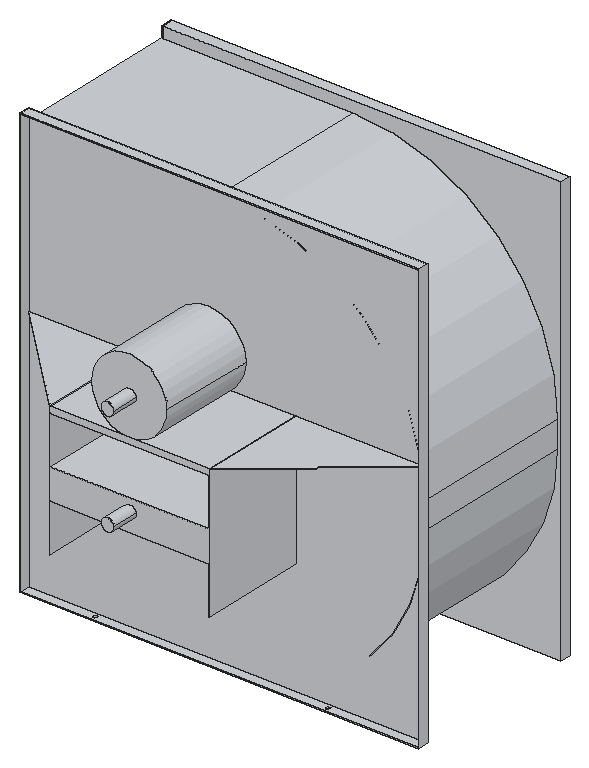
Revit family "CA-4_SWSI_ARR_2_CCW_THD", category Mechanical Equipment, Revit 2019
Family settings
  Round Connector Dimension = Use Radius
  Part Type = Normal
  Work Plane-Based = No
  Always vertical = Yes
  Cut with Voids When Loaded = No
  Shared = No
  Room Calculation Point = No
Parameters (values of type "600_CA-4_SWSI_ARR_2_CCW_THD_CLASS_2")
  S = 32"
  R = 49 5/16"
  P = 24 21/32"
  O/2 = O / 2  # 17/32"
  O = 1 1/16"
  N/2 = N / 2  # 1 23/32"
  N = 3 7/16"
  ModelID [instance] = ""
  MOTOR_RAD = N * 3  # 10 5/16"
  M = 66 11/16"
  L = 10"
  K = 56 11/16"
  J = 3"
  INLET_RAD/2 = INLET_RAD / 2  # 16 1/2"
  INLET_RAD+1.5" = INLET_RAD + 1 1/2"  # 34 1/2"
  INLET_RAD = INLET_DIA / 2  # 33"
  INLET_DIA = 66"
  H = 51 5/8"
  G-H = G - H  # 58"
  G/5 = G / 5  # 21.925"
  G = 109 5/8"
  F = 118"
  Unit Weight [instance] = ""
  Sones [instance] = ""
  Motor RPM [instance] = ""
  Motor Enclosure [instance] = ""
  LwA [instance] = ""
  Fan RPM [instance] = ""
  E-(INLET_RAD+1.5") = E - (INLET_RAD + 1 1/2")  # 15 1/4"
  E+(INLET_RAD+1.5") = E + (INLET_RAD + 1 1/2")  # 84 1/4"
  E = 49 3/4"
  D-((D-B)/2) = D - ((D - B) / 2)  # 48 13/16"
  D = 51 13/16"
  B = 45 13/16"
  Accessories [instance] = ""
  ARR_2_L-ARR_2_K = ARR_2_L - ARR_2_K  # 26 7/8"
  ARR_2_L = 34 3/8"
  ARR_2_K = 7 1/2"
  A = 65 5/8"
  3" = 3"  # constant formula
  Brake Hp [instance] = ""
  4" = 4"  # constant formula
  2N = N + N  # 6 7/8"
  2' = 24"
  2" = 2"  # constant formula
  1" = 1"  # constant formula
  0 = 0"  # constant formula
  Voltage [instance] = 0 V
  URL = "www.lorencook.com"
  Type Comments = "Airfoil Centrifugal Blower Arrangement 2 Counter-Clockwise Top Horizontal Discharge"  # constant formula
  Static Pressure [instance] = 0.00 in-wg
  Power [instance] = Voltage * Motor FLA * sqrt(if(Phase = 3, 3, 1))  # 0 VA
  Phase [instance] = 0
  Number of Poles [instance] = 1
  Motor Hp [instance] = "0"
  Motor FLA [instance] = 0 A
  Model = "CA-4 SWSI ARR 2 CCW THD CLASS 2"
  Manufacturer = "Loren Cook Company"
  CFM [instance] = 0 CFM
  1.5 = 1 1/2"  # constant formula
  ONE EIGTH = 1/8"  # constant formula
  -(ARR_2_L - ARR_2_K) = -(ARR_2_L - ARR_2_K)  # -26 7/8"
  -(((K-B)/2)-.125") = -(((K - B) / 2) - 1/8")  # -5 5/16"
  -(((D - B) / 2) - 1/8") = -(((D - B) / 2) - 1/8")  # -2 7/8"
  (R-B)/2 = (R - B) / 2  # 1 3/4"
  ((K-B)/2)+B = ((K - B) / 2) + B  # 51 1/4"
  (D-B)/2 = (D - B) / 2  # 3"
  -(((K-B)/2)+L) = -(((K - B) / 2) + L)  # -15 7/16"
  ((D-B)/2)-.125" = ((D - B) / 2) - 1/8"  # 2 7/8"
Types (55): name | S | R | P | O/2 | O | N/2 | N | MOTOR_RAD | M | L | K | J | INLET_RAD/2 | INLET_RAD+1.5" | INLET_RAD | INLET_DIA | H | G-H | G/5 | G | F | E-(INLET_RAD+1.5") | E+(INLET_RAD+1.5") | E | D-((D-B)/2) | D | B | ARR_2_L-ARR_2_K | ARR_2_L | ARR_2_K | A | 2N | Model | -(ARR_2_L - ARR_2_K) | -(((K-B)/2)-.125") | -(((D - B) / 2) - 1/8") | (R-B)/2 | ((K-B)/2)+B | (D-B)/2 | -(((K-B)/2)+L) | ((D-B)/2)-.125"
  (no name) | 32" | 49 5/16" | 24 21/32" | 17/32" | 1 1/16" | 1 23/32" | 3 7/16" | 10 5/16" | 66 11/16" | 10" | 56 11/16" | 3" | 16 1/2" | 34 1/2" | 33" | 66" | 51 5/8" | 58" | 21.925" | 109 5/8" | 118" | 15 1/4" | 84 1/4" | 49 3/4" | 48 13/16" | 51 13/16" | 45 13/16" | 26 7/8" | 34 3/8" | 7 1/2" | 65 5/8" | 6 7/8" | "CA-4 SWSI ARR 2 CCW THD CLASS 2" | -26 7/8" | -5 5/16" | -2 7/8" | 1 3/4" | 51 1/4" | 3" | -15 7/16" | 2 7/8"
  120_CA-4_SWSI_ARR_2_CCW_THD_CLASS_1 | 7 1/2" | 11 7/16" | 5 23/32" | 11/32" | 11/16" | 1/2" | 1" | 3" | 18 7/8" | 3" | 15 7/8" | 2" | 4 1/16" | 9 5/8" | 8 1/8" | 16 1/4" | 10 3/8" | 12 3/8" | 4.55" | 22 3/4" | 25 3/4" | 1 1/8" | 20 3/8" | 10 3/4" | 11 3/16" | 13 3/16" | 9 3/16" | 17 5/8" | 21 5/8" | 4" | 13 1/8" | 2" | "CA-4 SWSI ARR 2 CCW THD CLASS 1" | -17 5/8" | -3 7/32" | -1 7/8" | 1 1/8" | 12 17/32" | 2" | -6 11/32" | 1 7/8"
  120_CA-4_SWSI_ARR_2_CCW_THD_CLASS_2 | 7 1/2" | 11 7/16" | 5 23/32" | 11/32" | 11/16" | 1/2" | 1" | 3" | 18 7/8" | 3" | 15 7/8" | 2" | 4 1/16" | 9 5/8" | 8 1/8" | 16 1/4" | 10 3/8" | 12 3/8" | 4.55" | 22 3/4" | 25 3/4" | 1 1/8" | 20 3/8" | 10 3/4" | 11 3/16" | 13 3/16" | 9 3/16" | 17 5/8" | 21 5/8" | 4" | 13 1/8" | 2" | "CA-4 SWSI ARR 2 CCW THD CLASS 2" | -17 5/8" | -3 7/32" | -1 7/8" | 1 1/8" | 12 17/32" | 2" | -6 11/32" | 1 7/8"
  120_CA-4_SWSI_ARR_2_CCW_THD_CLASS_3 | 7 1/2" | 11 7/16" | 5 23/32" | 11/32" | 11/16" | 19/32" | 1 3/16" | 3 9/16" | 18 7/8" | 3" | 15 7/8" | 2" | 4 1/16" | 9 5/8" | 8 1/8" | 16 1/4" | 10 3/8" | 12 3/8" | 4.55" | 22 3/4" | 25 3/4" | 1 1/8" | 20 3/8" | 10 3/4" | 11 3/16" | 13 3/16" | 9 3/16" | 17 5/8" | 21 5/8" | 4" | 13 1/8" | 2 3/8" | "CA-4 SWSI ARR 2 CCW THD CLASS 3" | -17 5/8" | -3 7/32" | -1 7/8" | 1 1/8" | 12 17/32" | 2" | -6 11/32" | 1 7/8"
  135_CA-4_SWSI_ARR_2_CCW_THD_CLASS_1 | 8 1/2" | 12 9/16" | 6 9/32" | 11/32" | 11/16" | 1/2" | 1" | 3" | 20" | 3" | 17" | 2" | 4 7/16" | 10 3/8" | 8 7/8" | 17 3/4" | 11 5/8" | 13 7/8" | 5.1" | 25 1/2" | 28 3/4" | 1 5/8" | 22 3/8" | 12" | 12 5/16" | 14 5/16" | 10 5/16" | 17 5/8" | 21 5/8" | 4" | 14 3/4" | 2" | "CA-4 SWSI ARR 2 CCW THD CLASS 1" | -17 5/8" | -3 7/32" | -1 7/8" | 1 1/8" | 13 21/32" | 2" | -6 11/32" | 1 7/8"
  135_CA-4_SWSI_ARR_2_CCW_THD_CLASS_2 | 8 1/2" | 12 9/16" | 6 9/32" | 11/32" | 11/16" | 1/2" | 1" | 3" | 20" | 3" | 17" | 2" | 4 7/16" | 10 3/8" | 8 7/8" | 17 3/4" | 11 5/8" | 13 7/8" | 5.1" | 25 1/2" | 28 3/4" | 1 5/8" | 22 3/8" | 12" | 12 5/16" | 14 5/16" | 10 5/16" | 17 5/8" | 21 5/8" | 4" | 14 3/4" | 2" | "CA-4 SWSI ARR 2 CCW THD CLASS 2" | -17 5/8" | -3 7/32" | -1 7/8" | 1 1/8" | 13 21/32" | 2" | -6 11/32" | 1 7/8"
  135_CA-4_SWSI_ARR_2_CCW_THD_CLASS_3 | 8 1/2" | 12 9/16" | 6 9/32" | 11/32" | 11/16" | 19/32" | 1 3/16" | 3 9/16" | 20" | 3" | 17" | 2" | 4 7/16" | 10 3/8" | 8 7/8" | 17 3/4" | 11 5/8" | 13 7/8" | 5.1" | 25 1/2" | 28 3/4" | 1 5/8" | 22 3/8" | 12" | 12 5/16" | 14 5/16" | 10 5/16" | 17 5/8" | 21 5/8" | 4" | 14 3/4" | 2 3/8" | "CA-4 SWSI ARR 2 CCW THD CLASS 3" | -17 5/8" | -3 7/32" | -1 7/8" | 1 1/8" | 13 21/32" | 2" | -6 11/32" | 1 7/8"
  150_CA-4_SWSI_ARR_2_CCW_THD_CLASS_1 | 9" | 13 11/16" | 6 27/32" | 11/32" | 11/16" | 1/2" | 1" | 3" | 21 1/8" | 3" | 18 1/8" | 2" | 4 13/16" | 11 1/8" | 9 5/8" | 19 1/4" | 12 7/8" | 15 1/4" | 5 5/8" | 28 1/8" | 31 5/8" | 2 1/8" | 24 3/8" | 13 1/4" | 13 7/16" | 15 7/16" | 11 7/16" | 17 5/8" | 21 5/8" | 4" | 16 7/16" | 2" | "CA-4 SWSI ARR 2 CCW THD CLASS 1" | -17 5/8" | -3 7/32" | -1 7/8" | 1 1/8" | 14 25/32" | 2" | -6 11/32" | 1 7/8"
  150_CA-4_SWSI_ARR_2_CCW_THD_CLASS_2 | 9" | 13 11/16" | 6 27/32" | 11/32" | 11/16" | 19/32" | 1 3/16" | 3 9/16" | 21 1/8" | 3" | 18 1/8" | 2" | 4 13/16" | 11 1/8" | 9 5/8" | 19 1/4" | 12 7/8" | 15 1/4" | 5 5/8" | 28 1/8" | 31 5/8" | 2 1/8" | 24 3/8" | 13 1/4" | 13 7/16" | 15 7/16" | 11 7/16" | 17 5/8" | 21 5/8" | 4" | 16 7/16" | 2 3/8" | "CA-4 SWSI ARR 2 CCW THD CLASS 2" | -17 5/8" | -3 7/32" | -1 7/8" | 1 1/8" | 14 25/32" | 2" | -6 11/32" | 1 7/8"
  150_CA-4_SWSI_ARR_2_CCW_THD_CLASS_3 | 9" | 13 11/16" | 6 27/32" | 11/32" | 11/16" | 23/32" | 1 7/16" | 4 5/16" | 21 1/8" | 3" | 18 1/8" | 2" | 4 13/16" | 11 1/8" | 9 5/8" | 19 1/4" | 12 7/8" | 15 1/4" | 5 5/8" | 28 1/8" | 31 5/8" | 2 1/8" | 24 3/8" | 13 1/4" | 13 7/16" | 15 7/16" | 11 7/16" | 17 5/8" | 21 5/8" | 4" | 16 7/16" | 2 7/8" | "CA-4 SWSI ARR 2 CCW THD CLASS 3" | -17 5/8" | -3 7/32" | -1 7/8" | 1 1/8" | 14 25/32" | 2" | -6 11/32" | 1 7/8"
  165_CA-4_SWSI_ARR_2_CCW_THD_CLASS_1 | 10" | 14 7/8" | 7 7/16" | 11/32" | 11/16" | 1/2" | 1" | 3" | 23 15/16" | 4" | 19 5/16" | 2" | 5 5/16" | 12 1/8" | 10 5/8" | 21 1/4" | 14 1/4" | 16 5/8" | 6.175" | 30 7/8" | 34 3/8" | 2 1/4" | 26 1/2" | 14 3/8" | 14 5/8" | 16 5/8" | 12 5/8" | 17 5/8" | 21 5/8" | 4" | 18 1/16" | 2" | "CA-4 SWSI ARR 2 CCW THD CLASS 1" | -17 5/8" | -3 7/32" | -1 7/8" | 1 1/8" | 15 31/32" | 2" | -7 11/32" | 1 7/8"
  165_CA-4_SWSI_ARR_2_CCW_THD_CLASS_2 | 10" | 14 7/8" | 7 7/16" | 11/32" | 11/16" | 19/32" | 1 3/16" | 3 9/16" | 23 15/16" | 4" | 19 5/16" | 2" | 5 5/16" | 12 1/8" | 10 5/8" | 21 1/4" | 14 1/4" | 16 5/8" | 6.175" | 30 7/8" | 34 3/8" | 2 1/4" | 26 1/2" | 14 3/8" | 14 5/8" | 16 5/8" | 12 5/8" | 17 5/8" | 21 5/8" | 4" | 18 1/16" | 2 3/8" | "CA-4 SWSI ARR 2 CCW THD CLASS 2" | -17 5/8" | -3 7/32" | -1 7/8" | 1 1/8" | 15 31/32" | 2" | -7 11/32" | 1 7/8"
  165_CA-4_SWSI_ARR_2_CCW_THD_CLASS_3 | 10" | 14 7/8" | 7 7/16" | 11/32" | 11/16" | 23/32" | 1 7/16" | 4 5/16" | 23 15/16" | 4" | 19 5/16" | 2" | 5 5/16" | 12 1/8" | 10 5/8" | 21 1/4" | 14 1/4" | 16 5/8" | 6.175" | 30 7/8" | 34 3/8" | 2 1/4" | 26 1/2" | 14 3/8" | 14 5/8" | 16 5/8" | 12 5/8" | 17 5/8" | 21 5/8" | 4" | 18 1/16" | 2 7/8" | "CA-4 SWSI ARR 2 CCW THD CLASS 3" | -17 5/8" | -3 7/32" | -1 7/8" | 1 1/8" | 15 31/32" | 2" | -7 11/32" | 1 7/8"
  180_CA-4_SWSI_ARR_2_CCW_THD_CLASS_1 | 11" | 16" | 8" | 11/32" | 11/16" | 19/32" | 1 3/16" | 3 9/16" | 24 15/16" | 4 1/2" | 20 7/16" | 2" | 5 11/16" | 12 7/8" | 11 3/8" | 22 3/4" | 15 1/2" | 18 1/8" | 6.725" | 33 5/8" | 37 1/8" | 2 3/4" | 28 1/2" | 15 5/8" | 15 3/4" | 17 3/4" | 13 3/4" | 20 1/8" | 24 3/8" | 4 1/4" | 19 11/16" | 2 3/8" | "CA-4 SWSI ARR 2 CCW THD CLASS 1" | -20 1/8" | -3 7/32" | -1 7/8" | 1 1/8" | 17 3/32" | 2" | -7 27/32" | 1 7/8"
  180_CA-4_SWSI_ARR_2_CCW_THD_CLASS_2 | 11" | 16" | 8" | 11/32" | 11/16" | 23/32" | 1 7/16" | 4 5/16" | 24 15/16" | 4 1/2" | 20 7/16" | 2" | 5 11/16" | 12 7/8" | 11 3/8" | 22 3/4" | 15 1/2" | 18 1/8" | 6.725" | 33 5/8" | 37 1/8" | 2 3/4" | 28 1/2" | 15 5/8" | 15 3/4" | 17 3/4" | 13 3/4" | 20 1/8" | 24 3/8" | 4 1/4" | 19 11/16" | 2 7/8" | "CA-4 SWSI ARR 2 CCW THD CLASS 2" | -20 1/8" | -3 7/32" | -1 7/8" | 1 1/8" | 17 3/32" | 2" | -7 27/32" | 1 7/8"
  180_CA-4_SWSI_ARR_2_CCW_THD_CLASS_3 | 11" | 16" | 8" | 11/32" | 11/16" | 27/32" | 1 11/16" | 5 1/16" | 24 15/16" | 4 1/2" | 20 7/16" | 2" | 5 11/16" | 12 7/8" | 11 3/8" | 22 3/4" | 15 1/2" | 18 1/8" | 6.725" | 33 5/8" | 37 1/8" | 2 3/4" | 28 1/2" | 15 5/8" | 15 3/4" | 17 3/4" | 13 3/4" | 20 1/8" | 24 3/8" | 4 1/4" | 19 11/16" | 3 3/8" | "CA-4 SWSI ARR 2 CCW THD CLASS 3" | -20 1/8" | -3 7/32" | -1 7/8" | 1 1/8" | 17 3/32" | 2" | -7 27/32" | 1 7/8"
  195_CA-4_SWSI_ARR_2_CCW_THD_CLASS_1 | 11 1/2" | 17 3/16" | 8 19/32" | 11/32" | 11/16" | 23/32" | 1 7/16" | 4 5/16" | 27 3/16" | 4 1/2" | 22 11/16" | 2" | 6 1/16" | 13 5/8" | 12 1/8" | 24 1/4" | 16 3/4" | 19 1/2" | 7 1/4" | 36 1/4" | 40" | 3 1/8" | 30 3/8" | 16 3/4" | 16 15/16" | 18 15/16" | 14 15/16" | 20 1/8" | 24 3/8" | 4 1/4" | 21 5/16" | 2 7/8" | "CA-4 SWSI ARR 2 CCW THD CLASS 1" | -20 1/8" | -3 3/4" | -1 7/8" | 1 1/8" | 18 13/16" | 2" | -8 3/8" | 1 7/8"
  195_CA-4_SWSI_ARR_2_CCW_THD_CLASS_2 | 11 1/2" | 17 3/16" | 8 19/32" | 11/32" | 11/16" | 23/32" | 1 7/16" | 4 5/16" | 27 3/16" | 4 1/2" | 22 11/16" | 2" | 6 1/16" | 13 5/8" | 12 1/8" | 24 1/4" | 16 3/4" | 19 1/2" | 7 1/4" | 36 1/4" | 40" | 3 1/8" | 30 3/8" | 16 3/4" | 16 15/16" | 18 15/16" | 14 15/16" | 20 1/8" | 24 3/8" | 4 1/4" | 21 5/16" | 2 7/8" | "CA-4 SWSI ARR 2 CCW THD CLASS 2" | -20 1/8" | -3 3/4" | -1 7/8" | 1 1/8" | 18 13/16" | 2" | -8 3/8" | 1 7/8"
  195_CA-4_SWSI_ARR_2_CCW_THD_CLASS_3 | 11 1/2" | 17 3/16" | 8 19/32" | 11/32" | 11/16" | 27/32" | 1 11/16" | 5 1/16" | 27 3/16" | 4 1/2" | 22 11/16" | 2" | 6 1/16" | 13 5/8" | 12 1/8" | 24 1/4" | 16 3/4" | 19 1/2" | 7 1/4" | 36 1/4" | 40" | 3 1/8" | 30 3/8" | 16 3/4" | 16 15/16" | 18 15/16" | 14 15/16" | 20 1/8" | 24 3/8" | 4 1/4" | 21 5/16" | 3 3/8" | "CA-4 SWSI ARR 2 CCW THD CLASS 3" | -20 1/8" | -3 3/4" | -1 7/8" | 1 1/8" | 18 13/16" | 2" | -8 3/8" | 1 7/8"
  210_CA-4_SWSI_ARR_2_CCW_THD_CLASS_1 | 12" | 18 5/16" | 9 5/32" | 13/32" | 13/16" | 23/32" | 1 7/16" | 4 5/16" | 28 13/16" | 5" | 23 13/16" | 2" | 6 1/2" | 14 1/2" | 13" | 26" | 18 1/8" | 21" | 7.825" | 39 1/8" | 42 7/8" | 3 1/2" | 32 1/2" | 18" | 18 1/16" | 20 1/16" | 16 1/16" | 23 1/8" | 27 3/8" | 4 1/4" | 23" | 2 7/8" | "CA-4 SWSI ARR 2 CCW THD CLASS 1" | -23 1/8" | -3 3/4" | -1 7/8" | 1 1/8" | 19 15/16" | 2" | -8 7/8" | 1 7/8"
  210_CA-4_SWSI_ARR_2_CCW_THD_CLASS_2 | 12" | 18 5/16" | 9 5/32" | 13/32" | 13/16" | 23/32" | 1 7/16" | 4 5/16" | 28 13/16" | 5" | 23 13/16" | 2" | 6 1/2" | 14 1/2" | 13" | 26" | 18 1/8" | 21" | 7.825" | 39 1/8" | 42 7/8" | 3 1/2" | 32 1/2" | 18" | 18 1/16" | 20 1/16" | 16 1/16" | 23 1/8" | 27 3/8" | 4 1/4" | 23" | 2 7/8" | "CA-4 SWSI ARR 2 CCW THD CLASS 2" | -23 1/8" | -3 3/4" | -1 7/8" | 1 1/8" | 19 15/16" | 2" | -8 7/8" | 1 7/8"
  210_CA-4_SWSI_ARR_2_CCW_THD_CLASS_3 | 12" | 18 5/16" | 9 5/32" | 13/32" | 13/16" | 27/32" | 1 11/16" | 5 1/16" | 28 13/16" | 5" | 23 13/16" | 2" | 6 1/2" | 14 1/2" | 13" | 26" | 18 1/8" | 21" | 7.825" | 39 1/8" | 42 7/8" | 3 1/2" | 32 1/2" | 18" | 18 1/16" | 20 1/16" | 16 1/16" | 23 1/8" | 27 3/8" | 4 1/4" | 23" | 3 3/8" | "CA-4 SWSI ARR 2 CCW THD CLASS 3" | -23 1/8" | -3 3/4" | -1 7/8" | 1 1/8" | 19 15/16" | 2" | -8 7/8" | 1 7/8"
  225_CA-4_SWSI_ARR_2_CCW_THD_CLASS_1 | 12 1/2" | 19 7/16" | 9 23/32" | 13/32" | 13/16" | 23/32" | 1 7/16" | 4 5/16" | 29 15/16" | 5" | 24 15/16" | 2" | 6 7/8" | 15 1/4" | 13 3/4" | 27 1/2" | 19 3/8" | 22 3/8" | 8.35" | 41 3/4" | 45 3/4" | 4" | 34 1/2" | 19 1/4" | 19 3/16" | 21 3/16" | 17 3/16" | 23 1/8" | 27 3/8" | 4 1/4" | 24 5/8" | 2 7/8" | "CA-4 SWSI ARR 2 CCW THD CLASS 1" | -23 1/8" | -3 3/4" | -1 7/8" | 1 1/8" | 21 1/16" | 2" | -8 7/8" | 1 7/8"
  225_CA-4_SWSI_ARR_2_CCW_THD_CLASS_2 | 12 1/2" | 19 7/16" | 9 23/32" | 13/32" | 13/16" | 23/32" | 1 7/16" | 4 5/16" | 29 15/16" | 5" | 24 15/16" | 2" | 6 7/8" | 15 1/4" | 13 3/4" | 27 1/2" | 19 3/8" | 22 3/8" | 8.35" | 41 3/4" | 45 3/4" | 4" | 34 1/2" | 19 1/4" | 19 3/16" | 21 3/16" | 17 3/16" | 23 1/8" | 27 3/8" | 4 1/4" | 24 5/8" | 2 7/8" | "CA-4 SWSI ARR 2 CCW THD CLASS 2" | -23 1/8" | -3 3/4" | -1 7/8" | 1 1/8" | 21 1/16" | 2" | -8 7/8" | 1 7/8"
  225_CA-4_SWSI_ARR_2_CCW_THD_CLASS_3 | 12 1/2" | 19 7/16" | 9 23/32" | 13/32" | 13/16" | 27/32" | 1 11/16" | 5 1/16" | 29 15/16" | 5" | 24 15/16" | 2" | 6 7/8" | 15 1/4" | 13 3/4" | 27 1/2" | 19 3/8" | 22 3/8" | 8.35" | 41 3/4" | 45 3/4" | 4" | 34 1/2" | 19 1/4" | 19 3/16" | 21 3/16" | 17 3/16" | 23 1/8" | 27 3/8" | 4 1/4" | 24 5/8" | 3 3/8" | "CA-4 SWSI ARR 2 CCW THD CLASS 3" | -23 1/8" | -3 3/4" | -1 7/8" | 1 1/8" | 21 1/16" | 2" | -8 7/8" | 1 7/8"
  245_CA-4_SWSI_ARR_2_CCW_THD_CLASS_1 | 13 1/2" | 21" | 10 1/2" | 13/32" | 13/16" | 23/32" | 1 7/16" | 4 5/16" | 32" | 5 1/2" | 26 1/2" | 2" | 7 3/8" | 16 1/4" | 14 3/4" | 29 1/2" | 21 1/8" | 24 1/4" | 9.075" | 45 3/8" | 49 1/2" | 4 5/8" | 37 1/8" | 20 7/8" | 20 3/4" | 22 3/4" | 18 3/4" | 22 9/16" | 27 13/16" | 5 1/4" | 26 13/16" | 2 7/8" | "CA-4 SWSI ARR 2 CCW THD CLASS 1" | -22 9/16" | -3 3/4" | -1 7/8" | 1 1/8" | 22 5/8" | 2" | -9 3/8" | 1 7/8"
  245_CA-4_SWSI_ARR_2_CCW_THD_CLASS_2 | 13 1/2" | 21" | 10 1/2" | 13/32" | 13/16" | 27/32" | 1 11/16" | 5 1/16" | 32" | 5 1/2" | 26 1/2" | 2" | 7 3/8" | 16 1/4" | 14 3/4" | 29 1/2" | 21 1/8" | 24 1/4" | 9.075" | 45 3/8" | 49 1/2" | 4 5/8" | 37 1/8" | 20 7/8" | 20 3/4" | 22 3/4" | 18 3/4" | 22 9/16" | 27 13/16" | 5 1/4" | 26 13/16" | 3 3/8" | "CA-4 SWSI ARR 2 CCW THD CLASS 2" | -22 9/16" | -3 3/4" | -1 7/8" | 1 1/8" | 22 5/8" | 2" | -9 3/8" | 1 7/8"
  245_CA-4_SWSI_ARR_2_CCW_THD_CLASS_3 | 13 1/2" | 21" | 10 1/2" | 13/32" | 13/16" | 31/32" | 1 15/16" | 5 13/16" | 32" | 5 1/2" | 26 1/2" | 2" | 7 3/8" | 16 1/4" | 14 3/4" | 29 1/2" | 21 1/8" | 24 1/4" | 9.075" | 45 3/8" | 49 1/2" | 4 5/8" | 37 1/8" | 20 7/8" | 20 3/4" | 22 3/4" | 18 3/4" | 22 9/16" | 27 13/16" | 5 1/4" | 26 13/16" | 3 7/8" | "CA-4 SWSI ARR 2 CCW THD CLASS 3" | -22 9/16" | -3 3/4" | -1 7/8" | 1 1/8" | 22 5/8" | 2" | -9 3/8" | 1 7/8"
  270_CA-4_SWSI_ARR_2_CCW_THD_CLASS_1 | 15" | 22 7/8" | 11 7/16" | 13/32" | 13/16" | 23/32" | 1 7/16" | 4 5/16" | 34 3/8" | 6" | 28 3/8" | 2" | 8" | 17 1/2" | 16" | 32" | 23 1/4" | 26 5/8" | 9.975" | 49 7/8" | 54 3/4" | 5 7/8" | 40 7/8" | 23 3/8" | 22 5/8" | 24 5/8" | 20 5/8" | 22 9/16" | 27 13/16" | 5 1/4" | 29 9/16" | 2 7/8" | "CA-4 SWSI ARR 2 CCW THD CLASS 1" | -22 9/16" | -3 3/4" | -1 7/8" | 1 1/8" | 24 1/2" | 2" | -9 7/8" | 1 7/8"
  270_CA-4_SWSI_ARR_2_CCW_THD_CLASS_2 | 15" | 22 7/8" | 11 7/16" | 13/32" | 13/16" | 27/32" | 1 11/16" | 5 1/16" | 34 3/8" | 6" | 28 3/8" | 2" | 8" | 17 1/2" | 16" | 32" | 23 1/4" | 26 5/8" | 9.975" | 49 7/8" | 54 3/4" | 5 7/8" | 40 7/8" | 23 3/8" | 22 5/8" | 24 5/8" | 20 5/8" | 22 9/16" | 27 13/16" | 5 1/4" | 29 9/16" | 3 3/8" | "CA-4 SWSI ARR 2 CCW THD CLASS 2" | -22 9/16" | -3 3/4" | -1 7/8" | 1 1/8" | 24 1/2" | 2" | -9 7/8" | 1 7/8"
  270_CA-4_SWSI_ARR_2_CCW_THD_CLASS_3 | 15" | 22 7/8" | 11 7/16" | 13/32" | 13/16" | 31/32" | 1 15/16" | 5 13/16" | 34 3/8" | 6" | 28 3/8" | 2" | 8" | 17 1/2" | 16" | 32" | 23 1/4" | 26 5/8" | 9.975" | 49 7/8" | 54 3/4" | 5 7/8" | 40 7/8" | 23 3/8" | 22 5/8" | 24 5/8" | 20 5/8" | 22 9/16" | 27 13/16" | 5 1/4" | 29 9/16" | 3 7/8" | "CA-4 SWSI ARR 2 CCW THD CLASS 3" | -22 9/16" | -3 3/4" | -1 7/8" | 1 1/8" | 24 1/2" | 2" | -9 7/8" | 1 7/8"
  300_CA-4_SWSI_ARR_2_CCW_THD_CLASS_1 | 16 1/2" | 25 3/16" | 12 19/32" | 13/32" | 13/16" | 27/32" | 1 11/16" | 5 1/16" | 37 3/16" | 6 1/2" | 30 11/16" | 2" | 8 3/4" | 19" | 17 1/2" | 35" | 25 7/8" | 29 1/2" | 11.075" | 55 3/8" | 60" | 6 3/8" | 44 3/8" | 25 3/8" | 24 15/16" | 26 15/16" | 22 15/16" | 24 7/8" | 30 3/4" | 5 7/8" | 32 13/16" | 3 3/8" | "CA-4 SWSI ARR 2 CCW THD CLASS 1" | -24 7/8" | -3 3/4" | -1 7/8" | 1 1/8" | 26 13/16" | 2" | -10 3/8" | 1 7/8"
  300_CA-4_SWSI_ARR_2_CCW_THD_CLASS_2 | 16 1/2" | 25 3/16" | 12 19/32" | 13/32" | 13/16" | 31/32" | 1 15/16" | 5 13/16" | 37 3/16" | 6 1/2" | 30 11/16" | 2" | 8 3/4" | 19" | 17 1/2" | 35" | 25 7/8" | 29 1/2" | 11.075" | 55 3/8" | 60" | 6 3/8" | 44 3/8" | 25 3/8" | 24 15/16" | 26 15/16" | 22 15/16" | 24 7/8" | 30 3/4" | 5 7/8" | 32 13/16" | 3 7/8" | "CA-4 SWSI ARR 2 CCW THD CLASS 2" | -24 7/8" | -3 3/4" | -1 7/8" | 1 1/8" | 26 13/16" | 2" | -10 3/8" | 1 7/8"
  300_CA-4_SWSI_ARR_2_CCW_THD_CLASS_3 | 16 1/2" | 25 3/16" | 12 19/32" | 13/32" | 13/16" | 1 3/32" | 2 3/16" | 6 9/16" | 37 3/16" | 6 1/2" | 30 11/16" | 2" | 8 3/4" | 19" | 17 1/2" | 35" | 25 7/8" | 29 1/2" | 11.075" | 55 3/8" | 60" | 6 3/8" | 44 3/8" | 25 3/8" | 24 15/16" | 26 15/16" | 22 15/16" | 24 7/8" | 30 3/4" | 5 7/8" | 32 13/16" | 4 3/8" | "CA-4 SWSI ARR 2 CCW THD CLASS 3" | -24 7/8" | -3 3/4" | -1 7/8" | 1 1/8" | 26 13/16" | 2" | -10 3/8" | 1 7/8"
  330_CA-4_SWSI_ARR_2_CCW_THD_CLASS_1 | 18" | 27 1/2" | 13 3/4" | 13/32" | 13/16" | 27/32" | 1 11/16" | 5 1/16" | 40" | 7" | 33" | 2" | 9 1/2" | 20 1/2" | 19" | 38" | 28 3/8" | 32 3/8" | 12.15" | 60 3/4" | 65 3/4" | 7 3/8" | 48 3/8" | 27 7/8" | 27 1/4" | 29 1/4" | 25 1/4" | 24 7/8" | 30 3/4" | 5 7/8" | 36 1/8" | 3 3/8" | "CA-4 SWSI ARR 2 CCW THD CLASS 1" | -24 7/8" | -3 3/4" | -1 7/8" | 1 1/8" | 29 1/8" | 2" | -10 7/8" | 1 7/8"
  330_CA-4_SWSI_ARR_2_CCW_THD_CLASS_2 | 18" | 27 1/2" | 13 3/4" | 13/32" | 13/16" | 1 3/32" | 2 3/16" | 6 9/16" | 40" | 7" | 33" | 2" | 9 1/2" | 20 1/2" | 19" | 38" | 28 3/8" | 32 3/8" | 12.15" | 60 3/4" | 65 3/4" | 7 3/8" | 48 3/8" | 27 7/8" | 27 1/4" | 29 1/4" | 25 1/4" | 24 7/8" | 30 3/4" | 5 7/8" | 36 1/8" | 4 3/8" | "CA-4 SWSI ARR 2 CCW THD CLASS 2" | -24 7/8" | -3 3/4" | -1 7/8" | 1 1/8" | 29 1/8" | 2" | -10 7/8" | 1 7/8"
  330_CA-4_SWSI_ARR_2_CCW_THD_CLASS_3 | 18" | 27 1/2" | 13 3/4" | 13/32" | 13/16" | 1 3/32" | 2 3/16" | 6 9/16" | 40" | 7" | 33" | 2" | 9 1/2" | 20 1/2" | 19" | 38" | 28 3/8" | 32 3/8" | 12.15" | 60 3/4" | 65 3/4" | 7 3/8" | 48 3/8" | 27 7/8" | 27 1/4" | 29 1/4" | 25 1/4" | 24 7/8" | 30 3/4" | 5 7/8" | 36 1/8" | 4 3/8" | "CA-4 SWSI ARR 2 CCW THD CLASS 3" | -24 7/8" | -3 3/4" | -1 7/8" | 1 1/8" | 29 1/8" | 2" | -10 7/8" | 1 7/8"
  365_CA-4_SWSI_ARR_2_CCW_THD_CLASS_1 | 20" | 30 1/8" | 15 1/16" | 13/32" | 13/16" | 31/32" | 1 15/16" | 5 13/16" | 43 1/8" | 7 1/2" | 35 5/8" | 2" | 10 3/8" | 22 1/4" | 20 3/4" | 41 1/2" | 31 3/8" | 35 5/8" | 13.4" | 67" | 72 3/8" | 8 3/8" | 52 7/8" | 30 5/8" | 29 7/8" | 31 7/8" | 27 7/8" | 27 1/8" | 33" | 5 7/8" | 39 15/16" | 3 7/8" | "CA-4 SWSI ARR 2 CCW THD CLASS 1" | -27 1/8" | -3 3/4" | -1 7/8" | 1 1/8" | 31 3/4" | 2" | -11 3/8" | 1 7/8"
  365_CA-4_SWSI_ARR_2_CCW_THD_CLASS_2 | 20" | 30 1/8" | 15 1/16" | 13/32" | 13/16" | 1 7/32" | 2 7/16" | 7 5/16" | 43 1/8" | 7 1/2" | 35 5/8" | 2" | 10 3/8" | 22 1/4" | 20 3/4" | 41 1/2" | 31 3/8" | 35 5/8" | 13.4" | 67" | 72 3/8" | 8 3/8" | 52 7/8" | 30 5/8" | 29 7/8" | 31 7/8" | 27 7/8" | 27 1/8" | 33" | 5 7/8" | 39 15/16" | 4 7/8" | "CA-4 SWSI ARR 2 CCW THD CLASS 2" | -27 1/8" | -3 3/4" | -1 7/8" | 1 1/8" | 31 3/4" | 2" | -11 3/8" | 1 7/8"
  365_CA-4_SWSI_ARR_2_CCW_THD_CLASS_3 | 20" | 30 1/8" | 15 1/16" | 13/32" | 13/16" | 1 7/32" | 2 7/16" | 7 5/16" | 43 1/8" | 7 1/2" | 35 5/8" | 2" | 10 3/8" | 22 1/4" | 20 3/4" | 41 1/2" | 31 3/8" | 35 5/8" | 13.4" | 67" | 72 3/8" | 8 3/8" | 52 7/8" | 30 5/8" | 29 7/8" | 31 7/8" | 27 7/8" | 27 1/8" | 33" | 5 7/8" | 39 15/16" | 4 7/8" | "CA-4 SWSI ARR 2 CCW THD CLASS 3" | -27 1/8" | -3 3/4" | -1 7/8" | 1 1/8" | 31 3/4" | 2" | -11 3/8" | 1 7/8"
  402_CA-4_SWSI_ARR_2_CCW_THD_CLASS_1 | 22" | 34 1/4" | 17 1/8" | 17/32" | 1 1/16" | 31/32" | 1 15/16" | 5 13/16" | 46 5/8" | 8" | 38 5/8" | 3" | 11 5/16" | 24 1/8" | 22 5/8" | 45 1/4" | 34 5/8" | 39 1/4" | 14.775" | 73 7/8" | 80 3/8" | 9 1/2" | 57 3/4" | 33 5/8" | 33 3/4" | 36 3/4" | 30 3/4" | 25 7/16" | 31 5/16" | 5 7/8" | 44 1/16" | 3 7/8" | "CA-4 SWSI ARR 2 CCW THD CLASS 1" | -25 7/16" | -3 13/16" | -2 7/8" | 1 3/4" | 34 11/16" | 3" | -11 15/16" | 2 7/8"
  402_CA-4_SWSI_ARR_2_CCW_THD_CLASS_2 | 22" | 34 1/4" | 17 1/8" | 17/32" | 1 1/16" | 1 7/32" | 2 7/16" | 7 5/16" | 46 5/8" | 8" | 38 5/8" | 3" | 11 5/16" | 24 1/8" | 22 5/8" | 45 1/4" | 34 5/8" | 39 1/4" | 14.775" | 73 7/8" | 80 3/8" | 9 1/2" | 57 3/4" | 33 5/8" | 33 3/4" | 36 3/4" | 30 3/4" | 25 7/16" | 31 5/16" | 5 7/8" | 44 1/16" | 4 7/8" | "CA-4 SWSI ARR 2 CCW THD CLASS 2" | -25 7/16" | -3 13/16" | -2 7/8" | 1 3/4" | 34 11/16" | 3" | -11 15/16" | 2 7/8"
  402_CA-4_SWSI_ARR_2_CCW_THD_CLASS_3 | 22" | 34 1/4" | 17 1/8" | 17/32" | 1 1/16" | 1 11/32" | 2 11/16" | 8 1/16" | 46 5/8" | 8" | 38 5/8" | 3" | 11 5/16" | 24 1/8" | 22 5/8" | 45 1/4" | 34 5/8" | 39 1/4" | 14.775" | 73 7/8" | 80 3/8" | 9 1/2" | 57 3/4" | 33 5/8" | 33 3/4" | 36 3/4" | 30 3/4" | 25 7/16" | 31 5/16" | 5 7/8" | 44 1/16" | 5 3/8" | "CA-4 SWSI ARR 2 CCW THD CLASS 3" | -25 7/16" | -3 13/16" | -2 7/8" | 1 3/4" | 34 11/16" | 3" | -11 15/16" | 2 7/8"
  445_CA-4_SWSI_ARR_2_CCW_THD_CLASS_1 | 24" | 37 1/2" | 18 3/4" | 17/32" | 1 1/16" | 31/32" | 1 15/16" | 5 13/16" | 50 3/8" | 8 1/2" | 41 7/8" | 3" | 12 3/8" | 26 1/4" | 24 3/4" | 49 1/2" | 38 1/4" | 43 1/4" | 16.3" | 81 1/2" | 88 1/2" | 10 7/8" | 63 3/8" | 37 1/8" | 37" | 40" | 34" | 26 11/16" | 33 1/16" | 6 3/8" | 48 11/16" | 3 7/8" | "CA-4 SWSI ARR 2 CCW THD CLASS 1" | -26 11/16" | -3 13/16" | -2 7/8" | 1 3/4" | 37 15/16" | 3" | -12 7/16" | 2 7/8"
  445_CA-4_SWSI_ARR_2_CCW_THD_CLASS_2 | 24" | 37 1/2" | 18 3/4" | 17/32" | 1 1/16" | 1 11/32" | 2 11/16" | 8 1/16" | 50 3/8" | 8 1/2" | 41 7/8" | 3" | 12 3/8" | 26 1/4" | 24 3/4" | 49 1/2" | 38 1/4" | 43 1/4" | 16.3" | 81 1/2" | 88 1/2" | 10 7/8" | 63 3/8" | 37 1/8" | 37" | 40" | 34" | 26 11/16" | 33 1/16" | 6 3/8" | 48 11/16" | 5 3/8" | "CA-4 SWSI ARR 2 CCW THD CLASS 2" | -26 11/16" | -3 13/16" | -2 7/8" | 1 3/4" | 37 15/16" | 3" | -12 7/16" | 2 7/8"
  445_CA-4_SWSI_ARR_2_CCW_THD_CLASS_3 | 24" | 37 1/2" | 18 3/4" | 17/32" | 1 1/16" | 1 15/32" | 2 15/16" | 8 13/16" | 50 3/8" | 8 1/2" | 41 7/8" | 3" | 12 3/8" | 26 1/4" | 24 3/4" | 49 1/2" | 38 1/4" | 43 1/4" | 16.3" | 81 1/2" | 88 1/2" | 10 7/8" | 63 3/8" | 37 1/8" | 37" | 40" | 34" | 26 11/16" | 33 1/16" | 6 3/8" | 48 11/16" | 5 7/8" | "CA-4 SWSI ARR 2 CCW THD CLASS 3" | -26 11/16" | -3 13/16" | -2 7/8" | 1 3/4" | 37 15/16" | 3" | -12 7/16" | 2 7/8"
  490_CA-4_SWSI_ARR_2_CCW_THD_CLASS_1 | 26 1/2" | 40 15/16" | 20 15/32" | 17/32" | 1 1/16" | 1 3/32" | 2 3/16" | 6 9/16" | 55 5/16" | 9" | 46 5/16" | 3" | 13 3/4" | 29" | 27 1/2" | 55" | 42 1/4" | 47 1/2" | 17.95" | 89 3/4" | 97" | 11 3/4" | 69 3/4" | 40 3/4" | 40 7/16" | 43 7/16" | 37 7/16" | 26 11/16" | 33 1/16" | 6 3/8" | 53 5/8" | 4 3/8" | "CA-4 SWSI ARR 2 CCW THD CLASS 1" | -26 11/16" | -4 5/16" | -2 7/8" | 1 3/4" | 41 7/8" | 3" | -13 7/16" | 2 7/8"
  490_CA-4_SWSI_ARR_2_CCW_THD_CLASS_2 | 26 1/2" | 40 15/16" | 20 15/32" | 17/32" | 1 1/16" | 1 11/32" | 2 11/16" | 8 1/16" | 55 5/16" | 9" | 46 5/16" | 3" | 13 3/4" | 29" | 27 1/2" | 55" | 42 1/4" | 47 1/2" | 17.95" | 89 3/4" | 97" | 11 3/4" | 69 3/4" | 40 3/4" | 40 7/16" | 43 7/16" | 37 7/16" | 26 11/16" | 33 1/16" | 6 3/8" | 53 5/8" | 5 3/8" | "CA-4 SWSI ARR 2 CCW THD CLASS 2" | -26 11/16" | -4 5/16" | -2 7/8" | 1 3/4" | 41 7/8" | 3" | -13 7/16" | 2 7/8"
  490_CA-4_SWSI_ARR_2_CCW_THD_CLASS_3 | 26 1/2" | 40 15/16" | 20 15/32" | 17/32" | 1 1/16" | 1 15/32" | 2 15/16" | 8 13/16" | 55 5/16" | 9" | 46 5/16" | 3" | 13 3/4" | 29" | 27 1/2" | 55" | 42 1/4" | 47 1/2" | 17.95" | 89 3/4" | 97" | 11 3/4" | 69 3/4" | 40 3/4" | 40 7/16" | 43 7/16" | 37 7/16" | 26 11/16" | 33 1/16" | 6 3/8" | 53 5/8" | 5 7/8" | "CA-4 SWSI ARR 2 CCW THD CLASS 3" | -26 11/16" | -4 5/16" | -2 7/8" | 1 3/4" | 41 7/8" | 3" | -13 7/16" | 2 7/8"
  540_CA-4_SWSI_ARR_2_CCW_THD_CLASS_1 | 29" | 44 3/4" | 22 3/8" | 17/32" | 1 1/16" | 1 23/32" | 3 7/16" | 10 5/16" | 61 5/8" | 9 1/2" | 52 1/8" | 3" | 15" | 31 1/2" | 30" | 60" | 46 1/2" | 52 1/4" | 19 3/4" | 98 3/4" | 106 5/8" | 13 3/8" | 76 3/8" | 44 7/8" | 44 1/4" | 47 1/4" | 41 1/4" | 26 7/8" | 34 3/8" | 7 1/2" | 59 1/16" | 6 7/8" | "CA-4 SWSI ARR 2 CCW THD CLASS 1" | -26 7/8" | -5 5/16" | -2 7/8" | 1 3/4" | 46 11/16" | 3" | -14 15/16" | 2 7/8"
  540_CA-4_SWSI_ARR_2_CCW_THD_CLASS_2 | 29" | 44 3/4" | 22 3/8" | 17/32" | 1 1/16" | 1 15/32" | 2 15/16" | 8 13/16" | 61 5/8" | 9 1/2" | 52 1/8" | 3" | 15" | 31 1/2" | 30" | 60" | 46 1/2" | 52 1/4" | 19 3/4" | 98 3/4" | 106 5/8" | 13 3/8" | 76 3/8" | 44 7/8" | 44 1/4" | 47 1/4" | 41 1/4" | 26 7/8" | 34 3/8" | 7 1/2" | 59 1/16" | 5 7/8" | "CA-4 SWSI ARR 2 CCW THD CLASS 2" | -26 7/8" | -5 5/16" | -2 7/8" | 1 3/4" | 46 11/16" | 3" | -14 15/16" | 2 7/8"
  540_CA-4_SWSI_ARR_2_CCW_THD_CLASS_3 | 29" | 44 3/4" | 22 3/8" | 17/32" | 1 1/16" | 1 23/32" | 3 7/16" | 10 5/16" | 61 5/8" | 9 1/2" | 52 1/8" | 3" | 15" | 31 1/2" | 30" | 60" | 46 1/2" | 52 1/4" | 19 3/4" | 98 3/4" | 106 5/8" | 13 3/8" | 76 3/8" | 44 7/8" | 44 1/4" | 47 1/4" | 41 1/4" | 26 7/8" | 34 3/8" | 7 1/2" | 59 1/16" | 6 7/8" | "CA-4 SWSI ARR 2 CCW THD CLASS 3" | -26 7/8" | -5 5/16" | -2 7/8" | 1 3/4" | 46 11/16" | 3" | -14 15/16" | 2 7/8"
  600_CA-4_SWSI_ARR_2_CCW_THD_CLASS_1 | 32" | 49 5/16" | 24 21/32" | 17/32" | 1 1/16" | 1 11/32" | 2 11/16" | 8 1/16" | 66 11/16" | 10" | 56 11/16" | 3" | 16 1/2" | 34 1/2" | 33" | 66" | 51 5/8" | 58" | 21.925" | 109 5/8" | 118" | 15 1/4" | 84 1/4" | 49 3/4" | 48 13/16" | 51 13/16" | 45 13/16" | 26 7/8" | 34 3/8" | 7 1/2" | 65 5/8" | 5 3/8" | "CA-4 SWSI ARR 2 CCW THD CLASS 1" | -26 7/8" | -5 5/16" | -2 7/8" | 1 3/4" | 51 1/4" | 3" | -15 7/16" | 2 7/8"
  600_CA-4_SWSI_ARR_2_CCW_THD_CLASS_2 | 32" | 49 5/16" | 24 21/32" | 17/32" | 1 1/16" | 1 23/32" | 3 7/16" | 10 5/16" | 66 11/16" | 10" | 56 11/16" | 3" | 16 1/2" | 34 1/2" | 33" | 66" | 51 5/8" | 58" | 21.925" | 109 5/8" | 118" | 15 1/4" | 84 1/4" | 49 3/4" | 48 13/16" | 51 13/16" | 45 13/16" | 26 7/8" | 34 3/8" | 7 1/2" | 65 5/8" | 6 7/8" | "CA-4 SWSI ARR 2 CCW THD CLASS 2" | -26 7/8" | -5 5/16" | -2 7/8" | 1 3/4" | 51 1/4" | 3" | -15 7/16" | 2 7/8"
  600_CA-4_SWSI_ARR_2_CCW_THD_CLASS_3 | 32" | 49 5/16" | 24 21/32" | 17/32" | 1 1/16" | 1 31/32" | 3 15/16" | 11 13/16" | 66 11/16" | 10" | 56 11/16" | 3" | 16 1/2" | 34 1/2" | 33" | 66" | 51 5/8" | 58" | 21.925" | 109 5/8" | 118" | 15 1/4" | 84 1/4" | 49 3/4" | 48 13/16" | 51 13/16" | 45 13/16" | 26 7/8" | 34 3/8" | 7 1/2" | 65 5/8" | 7 7/8" | "CA-4 SWSI ARR 2 CCW THD CLASS 3" | -26 7/8" | -5 5/16" | -2 7/8" | 1 3/4" | 51 1/4" | 3" | -15 7/16" | 2 7/8"
Reference planes (in)
  plane 1 "Center (Front/Back)": y = 0
  plane 2: z = 0
  plane 3 "Center (Left/Right)": x = 0.40541
Forms (in)
  Extrusion 1, solid
    sketch origin (0, 0, 0) x (1, 0, 0) y (0, 0, 1)
      loop
        line (-51.21959, 0) -> (58.40541, 0) -> (58.40541, 118) -> (-51.21959, 118) -> (-51.21959, 0)
    from 0 to 3 <- "(D-B)/2"
  Extrusion 2, solid
    sketch origin (0, 0, 0) x (1, 0, 0) y (0, 0, 1)
      loop
        line (-51.21959, 118) -> (-51.21959, 0) -> (58.40541, 0) -> (58.40541, 118) -> (-51.21959, 118)
    from 51.8125 <- "D" to 48.8125 <- "D-((D-B)/2)"
  Extrusion 3, void
    sketch origin (0, 0, 0) x (1, 0, 0) y (0, 0, 1)
      loop
        line (-51.09459, 117.875) -> (-51.09459, 0.125) -> (58.28041, 0.125) -> (58.28041, 117.875) -> (-51.09459, 117.875)
    from 0 to 2.875 <- "((D-B)/2)-.125""
  Extrusion 4, void
    sketch origin (0, -51.8125, 0) x (-1, 0, 0) y (0, 0, 1)
      loop
        line (51.09459, 117.875) -> (-58.28041, 117.875) -> (-58.28041, 0.125) -> (51.09459, 0.125) -> (51.09459, 117.875)
    from 0 to 2.875 <- "((D-B)/2)-.125""
  Extrusion 5, solid
    sketch origin (0, -3, 0) x (1, 0, 0) y (0, 0, 1)
      loop
        line (-47.78209, 49.375) -> (-47.78209, 45.9375)
        arc (-47.78209, 45.9375) -> (-34.6202, 14.16189) -> (-2.84459, 1) r 44.9375
        line (-2.84459, 1) -> (6.78041, 1)
        arc (6.78041, 1) -> (42.57769, 15.82772) -> (57.40541, 51.625) r 50.625
        line (57.40541, 51.625) -> (57.40541, 59)
        arc (57.40541, 59) -> (41.00339, 98.59798) -> (1.40541, 115) r 56
        line (1.40541, 115) -> (-51.21959, 115) -> (-51.21959, 49.375) -> (-47.78209, 49.375)
    from 0 to 45.8125 <- "B"
  Extrusion 6, solid
    sketch origin (0, -51.8125, 0) x (1, 0, 0) y (0, 0, 1)
      loop
        circle (0.40541, 49.75) r 1.71875
    from -2.875 <- "-(((D - B) / 2) - 1/8")" to 34.375 <- "ARR_2_L"
  Extrusion 7, void
    sketch origin (0, 0, 0) x (1, 0, 0) y (0, 1, 0)
      loop
        circle (-31.59459, -1.25) r 0.53125
      loop
        circle (32.40541, -1.25) r 0.53125
      loop
        circle (32.40541, -50.5625) r 0.53125
      loop
        circle (-31.59459, -50.5625) r 0.53125
    from -0.25 to 0.25
  Revolve 8, void
    sketch origin (0.40541, 0, 0) x (0, 1, 0) y (0, 0, 1)
      loop
        arc (-2.875, 82.75) -> (-7.70774, 71.08274) -> (-19.375, 66.25) r 16.5
        line (-19.375, 66.25) -> (-19.375, 51.46875) -> (-2.875, 51.46875) -> (-2.875, 82.75)
      axis (-19.375, 49.75) -> (-2.875, 49.75)
    angle from 0 to 360
  Extrusion 9, solid
    sketch origin (0, -51.8125, 0) x (1, 0, 0) y (0, 0, 1)
      loop
        line (-21.51959, 67.96875) -> (-21.51959, 31.53125) -> (-21.39459, 31.53125) -> (-21.39459, 44.59375) -> (22.20541, 44.59375) -> (22.20541, 31.53125) -> (22.33041, 31.53125) -> (22.33041, 67.96875) -> (-21.51959, 67.96875)
      loop
        line (-21.39459, 66.46875) -> (-21.39459, 53.1875) -> (22.20541, 53.1875) -> (22.20541, 66.46875) -> (-21.39459, 66.46875)
    from -2.875 <- "-(((D - B) / 2) - 1/8")" to 26.875 <- "ARR_2_L-ARR_2_K"
  Extrusion 10, solid
    sketch origin (0, -78.6875, 0) x (1, 0, 0) y (0, 0, 1)
      loop
        circle (0.40541, 78.28125) r 10.3125
    from 0 to -26.875 <- "-(ARR_2_L - ARR_2_K)"
  Extrusion 11, solid
    sketch origin (0, -78.6875, 0) x (1, 0, 0) y (0, 0, 1)
      loop
        circle (0.40541, 78.28125) r 1.71875
    from 0 to 7.5 <- "ARR_2_K"
  Extrusion 12, solid
    sketch origin (-21.51959, -51.8125, 67.96875) x (1, 0, 0) y (0, 1, 0)
      loop
        line (43.85, -26.875) -> (79.675, 2.875) -> (43.85, 2.875) -> (43.85, -26.875)
      loop
        line (0, -26.875) -> (0, 2.875) -> (-29.45, 2.875) -> (0, -26.875)
    from 0 to -0.125
Cuts and joins
  Extrusion 3, Extrusion 7, Revolve 8 cuts Extrusion 1
  Extrusion 4, Extrusion 7 cuts Extrusion 2
  Revolve 8 cuts Extrusion 5
Dimensions and locks (in)
  "0": Extrusion 1 sketch curve to level
  "F": Extrusion 1 sketch curve to Extrusion 1 sketch curve
  "G-H": Extrusion 1 sketch curve to plane 3 "Center (Left/Right)"
  "G": Extrusion 1 sketch curve to Extrusion 1 sketch curve
  "0": Extrusion 2 sketch curve to level
  "0": Extrusion 1 to Extrusion 2 sketch curve  (x2)
  "0": Extrusion 2 sketch curve to Extrusion 1
  "ONE EIGTH": Extrusion 2 to Extrusion 3 sketch curve  (x2)
  "ONE EIGTH": Extrusion 3 sketch curve to Extrusion 2
  "ONE EIGTH": Extrusion 3 sketch curve to level
  "ONE EIGTH": Extrusion 4 sketch curve to Extrusion 2  (x2)
  "ONE EIGTH": Extrusion 2 to Extrusion 4 sketch curve
  "ONE EIGTH": Extrusion 4 sketch curve to level
  "J": cut or joined group of Extrusion 2, Extrusion 4, Extrusion 7 to Extrusion 5 sketch curve
  "1"": Extrusion 5 sketch curve to level
  "A": Extrusion 5 sketch curve to Extrusion 5 sketch curve
  "E": Extrusion 6 sketch curve to level
  "0": Extrusion 6 sketch curve to plane 3 "Center (Left/Right)"
  "S": Extrusion 7 sketch curve to plane 3 "Center (Left/Right)"  (x2)
  "S": plane 3 "Center (Left/Right)" to Extrusion 7 sketch curve  (x2)
  "(R-B)/2": cut or joined group of Extrusion 1, Extrusion 3, Extrusion 7, Revolve 8 to Extrusion 7 sketch curve  (x2)
  "(R-B)/2": cut or joined group of Extrusion 2, Extrusion 4, Extrusion 7 to Extrusion 7 sketch curve  (x2)
  "E": Revolve 8 sketch curve to level
  "N/2": Revolve 8 sketch curve to Revolve 8 sketch curve
  "INLET_RAD/2": Revolve 8 sketch curve to Revolve 8 sketch curve  (x2)
  "INLET_RAD": Revolve 8 sketch curve to Revolve 8 sketch curve
  "0": Revolve 8 sketch curve to cut or joined group of Extrusion 1, Extrusion 3, Extrusion 7, Revolve 8
  "G/5": Extrusion 9 sketch curve to plane 3 "Center (Left/Right)"
  "G/5": plane 3 "Center (Left/Right)" to Extrusion 9 sketch curve
  "INLET_RAD/2": Extrusion 6 to Extrusion 9 sketch curve
  "INLET_RAD/2": Extrusion 9 sketch curve to Extrusion 6
  "0": Extrusion 10 sketch curve to plane 3 "Center (Left/Right)"
  "0": Extrusion 10 sketch curve to Extrusion 9
  "0": plane 3 "Center (Left/Right)" to Extrusion 11 sketch curve
  "MOTOR_RAD": Extrusion 11 sketch curve to Extrusion 9
  "1.5": Extrusion 9 sketch curve to Extrusion 9 sketch curve
  "N/2": Extrusion 9 sketch curve to Extrusion 6
  "N": Extrusion 6 to Extrusion 9 sketch curve
  "0": Extrusion 9 sketch curve to Extrusion 9 sketch curve
  "ONE EIGTH": Extrusion 9 sketch curve to Extrusion 9 sketch curve  (x4)
  "0": cut or joined group of Extrusion 2, Extrusion 4, Extrusion 7 to Extrusion 12 sketch curve
  "0": Extrusion 9 to Extrusion 12 sketch curve  (x3)
  "ONE EIGTH": Extrusion 12 sketch curve to cut or joined group of Extrusion 2, Extrusion 4, Extrusion 7
  "0": Extrusion 12 sketch curve to Extrusion 9
  "0": Extrusion 12 sketch curve to cut or joined group of Extrusion 2, Extrusion 4, Extrusion 7
  "ONE EIGTH": cut or joined group of Extrusion 2, Extrusion 4, Extrusion 7 to Extrusion 12 sketch curve
  "0": cut or joined group of Extrusion 2, Extrusion 4, Extrusion 7 to Extrusion 5 sketch curve
  "N": Extrusion 5 sketch curve to cut or joined group of Extrusion 2, Extrusion 4, Extrusion 7
  "N": Extrusion 5 sketch curve to Extrusion 5 sketch curve
  "1"": Extrusion 5 sketch curve to cut or joined group of Extrusion 2, Extrusion 4, Extrusion 7
  "H": Extrusion 5 sketch curve to level
  "1"": Extrusion 5 sketch curve to plane 3 "Center (Left/Right)"
  "N/2": radius of Extrusion 6 sketch curve
  "O/2": radius of Extrusion 7 sketch curve  (x4)
  "MOTOR_RAD": radius of Extrusion 10 sketch curve
  "N/2": radius of Extrusion 11 sketch curve
Automatic sketch dimensions
  Revolve 8 sketch curve to Revolve 8 sketch curve = 53.38466"
  Revolve 8 sketch curve to plane 1 "Center (Front/Back)" = 17.32447"
Connectors (in)
  hvac at (-51.21959, -25.90625, 82.1875), driven by "CFM", driven by "A", driven by "B"
    settings: on cut or joined group of Extrusion 5, Revolve 8, index 1, duct flow 0 CFM, flow factor 0, pres drop 0.00 in-wg, loss coef 0, conn angle 0.00°, conn width 45 13/16", conn height 65 5/8", conn diameter 24", duct sys type 29, conn prof type 1, flow config 0, flow direction 2, loss method 0, conn ref index -1, conn util no, is conn primary yes, conn desc ""
  hvac at (0.40541, -3, 49.75), driven by "CFM", driven by "INLET_RAD"
    settings: on cut or joined group of Extrusion 1, Extrusion 3, Extrusion 7, Revolve 8, index 2, duct flow 0 CFM, flow factor 0, pres drop 0.00 in-wg, loss coef 0, conn angle 0.00°, conn width 12", conn height 12", conn diameter 66", duct sys type 29, conn prof type 0, flow config 0, flow direction 1, loss method 0, conn ref index -1, conn util no, is conn primary no, conn desc ""
